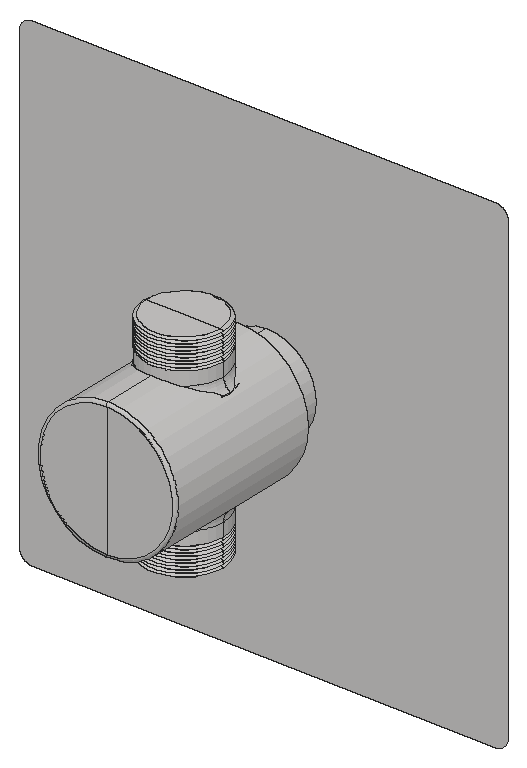
Revit family
Parameters (values of type "Type 1")
  WaterSupplyTemperatureMaximum = "55°C-85° (∆50°C : CW/HW)"
  WarrantyDurationUnit = "10 years"
  WarrantyDescription = "Any manufacturing defect"
  Version = "v1"
  Shape = "square"
  SerialNumber = "3456330013031"
  ProductInformation = "http://www.delabie.com/products/749628"
  Operation = "Time flow valve"
  NominalWidth = 160 mm
  NominalLength = 160 mm
  Name = "TEMPOSTOP"
  ModelNumber = "749628"
  Material = Stainless steel
  ManufacturerURL = "http://www.delabie.com"
  ManufacturerName = "DELABIE"
  IntegralAccessoryOptions = "Thermostatic mixing valve "
  Grade = "ACS - PZH"
  FlowRate lps = "0.2 lps at 3 bar"
  FlowRate lpm = "12 lpm at 3 bar"
  Finish = Polished satin
  Features  = "Recessed time flow shower valve :\r\nRecessing depth between 25 to 45mm .\r\nPolished satin stainless steel wall plate 160 x 160mm.\r\nTEMPOSTOP F½\" time flow valve for mixed water supply.\r\nTime flow 30 sec.\r\nFlow rate 12 lpm at 3 bar, can be adjusted.\r\nSolid brass body and button."
  Description = "French manufacturer Delabie is a leader in the European sanitary ware market for non-domestic places. Water controls, solutions for disabled people, sanitary ware, for schools, leisure centres, offices, hospitals, airports…"
  Type Comments = "Recessed time flow valve"
  Model = "TEMPOSTOP"
  Manufacturer = "DELABIE"
  URL = "http://www.delabie.com"
  Radius = 10.3 mm
  Category = "Shower valve"
  Assembly Code = ""
Reference planes
  plane 1 "Wall": y = 0
  plane 2 "Center (Left/Right)": x = 125
  plane 3 "Back": y = 75
  plane 4: y = 75
Text (mm)
  text "Placement Side" at (-1848.837, 1116.779, 0), in view "Ref. Level"
  text "Placement side" at (0, 1409.804, 2854.306), in view "Left"
  text "Placement side" at (0, 499.811, 2980.732), in view "Right"
Dimensions and locks
  locked: plane 3 "Back" to host wall
  locked: plane 4 to plane 3 "Back" at 0
  aligned and locked: plane 1 "Wall" to host wall
  aligned and locked: plane 4 to nested 1
Nested families
  nested 1: "749628b" at (125, 101.498, 1000), type "749628"
Connectors
  piping at (125, 41, 1095.227), driven by "Radius"
    settings: on nested 1, index 2, connector radius 10.3 mm, flow factor 0, pipe flow 0.2 L/s, pressure drop 0.0 Pa, fitting loss kfactor 0, connector angle 0.00°, fixture units 0, flow configuration 0, flow direction 1, fitting loss method 0, system type 19, connector reference index -1, connector utility 0, adjustable connector no, is connector primary yes, fitting loss table "", connector description "In - Mixed water"
Definition of nested family "749628b"
  Parameters (values of type "749628")
    Description = ""
    URL = ""
    Type Comments = ""
    Technologie = ""
    Radius = 0 mm
    Raccordement = ""
    Profondeur = ""
    Model = ""
    Matériau 1 = Nylon HR brillant blanc
    Manufacturer = ""
    Lien notice d'installation = ""
    Lien fiche produit = ""
    Lien certification = ""
    Lien CCTP = ""
    Largeur = ""
    Hauteur = ""
    Finition = ""
    Famille de produits = ""
    Débit = ""
    Butée de température = ""
    Assembly Code = ""
    Alimentation = ""
  Reference planes
    plane 1 "Center (Front/Back)": y = 0
    plane 2: z = 0
    plane 3 "Center (Left/Right)": x = 0
    plane 4: y = 36.198
    plane 5: y = 38.198
    plane 6: y = 92.198
    plane 7: y = 91.198
    plane 8: x = 22.75
    plane 9: x = -22.75
    plane 10: x = -19.75
    plane 11: x = 19.75
    plane 12: y = 73.498
    plane 13: y = 47.498
    plane 14: x = 36
    plane 15: x = -36
    plane 16: y = 60.498
    plane 17: z = 60.026
    plane 18: z = 73.026
    plane 19: z = 47.026
    plane 20: z = 85.726
    plane 21: z = 85.726
  Forms (mm)
    SweptBlend 1, solid, material "Nylon HR brillant blanc" <- "Matériau 1"
      path origin (1.044, 70.798, 60.026) x (0, -1, 0) y (1, 0, 0)
        loop
          line (47.8, 0) -> (44.3, 0)
      profile origin (1.044, 22.998, 60.026) x (-1, 0, 0) y (0, 0, 1)
        loop
          arc (-71.296, 74.854) -> (-72.887, 74.195) -> (-73.546, 72.604) r 2.25
          line (-73.546, 72.604) -> (-73.546, -74.265)
          arc (-73.546, -74.265) -> (-72.907, -75.807) -> (-71.365, -76.445) r 2.18
          line (-71.365, -76.445) -> (75.54, -76.354)
          arc (75.54, -76.354) -> (77.217, -75.658) -> (77.912, -73.98) r 2.373
          line (77.912, -73.98) -> (77.912, 72.604)
          arc (77.912, 72.604) -> (77.093, 74.209) -> (75.412, 74.854) r 2.514
          line (75.412, 74.854) -> (-71.296, 74.854)
      end profile origin (1.044, 26.498, 60.026) x (-1, 0, 0) y (0, 0, 1)
        loop
          arc (78.022, -80.776) -> (80.861, -79.6) -> (82.037, -76.761) r 4.015
          line (82.037, -76.761) -> (82.037, 75.247)
          arc (82.037, 75.247) -> (80.873, 78.059) -> (78.061, 79.224) r 3.977
          line (78.061, 79.224) -> (-73.974, 79.224)
          arc (-73.974, 79.224) -> (-76.795, 78.056) -> (-77.963, 75.235) r 3.988
          line (-77.963, 75.235) -> (-77.963, -76.776)
          arc (-77.963, -76.776) -> (-76.791, -79.605) -> (-73.963, -80.776) r 4
          line (-73.963, -80.776) -> (78.022, -80.776)
    Extrusion 2, solid, material "Nylon HR brillant blanc" <- "Matériau 1"
      sketch origin (1.044, 70.798, 60.026) x (1, 0, 0) y (0, 0, 1)
        loop
          line (71.296, 74.854) -> (-75.412, 74.854)
          arc (-75.412, 74.854) -> (-77.093, 74.209) -> (-77.912, 72.604) r 2.514
          line (-77.912, 72.604) -> (-77.912, -73.98)
          arc (-77.912, -73.98) -> (-77.217, -75.658) -> (-75.54, -76.354) r 2.373
          line (-75.54, -76.354) -> (71.365, -76.445)
          arc (71.365, -76.445) -> (72.907, -75.807) -> (73.546, -74.265) r 2.18
          line (73.546, -74.265) -> (73.546, 72.604)
          arc (73.546, 72.604) -> (72.887, 74.195) -> (71.296, 74.854) r 2.25
        loop
          arc (-6.031, 20.737) -> (-23.621, -4.702) -> (1.609, -22.591) r 22
          arc (1.609, -22.591) -> (19.71, 2.938) -> (-6.031, 20.737) r 22
        loop
          circle (-70.058, 67.25) r 2.5
        loop
          circle (65.942, 67.25) r 2.5
        loop
          circle (-70.058, -68.452) r 2.5
        loop
          circle (65.942, -68.452) r 2.5
      from 47.36 to 47.8
    Revolve 3, solid, material "Nylon HR brillant blanc" <- "Matériau 1"
      sketch origin (0, 70.798, 60.026) x (0, 0, 1) y (0, -1, 0)
        loop
          line (0, 74.2) -> (-9.969, 74.2)
          arc (-9.969, 74.2) -> (-11.379, 73.616) -> (-11.963, 72.206) r 1.994
          line (-11.963, 72.206) -> (-11.963, 58.599) -> (-14.972, 58.599)
          arc (-14.972, 58.599) -> (-15.699, 58.298) -> (-16, 57.571) r 1.028
          line (-16, 57.571) -> (-16, 34.6) -> (-18.75, 34.6)
          arc (-18.75, 34.6) -> (-19.457, 34.307) -> (-19.75, 33.6) r 1
          line (-19.75, 33.6) -> (-19.75, 32.6) -> (-22.75, 32.6) -> (-22.75, -20.4)
          arc (-22.75, -20.4) -> (-22.457, -21.107) -> (-21.75, -21.4) r 1
          line (-21.75, -21.4) -> (0, -21.4) -> (0, 74.2)
        axis (0, -21.4) -> (0, 74.2)
      angle from 0 to 360
    Sweep 4, void
      path origin (12.324, 70.798, 61.04) x (0, 0, 1) y (0, -1, 0)
        loop
          line (-20.075, 53.656) -> (21.02, 53.656)
      profile origin (12.324, 17.141, 61.513) x (0, -1, 0) y (1, 0, 0)
        loop
          line (7.684, -28.85) -> (7.684, -26.013) -> (1.941, -26.013) -> (-0.896, -28.85) -> (7.684, -28.85)
        loop
          line (7.684, 4.203) -> (-0.896, 4.203) -> (1.941, 1.366) -> (7.684, 1.366) -> (7.684, 4.203)
    Revolve 5, solid, material "Nylon HR brillant blanc" <- "Matériau 1"
      sketch origin (-29.216, 60.498, 1200) x (-1, 0, 0) y (0, 0, 1)
        loop
          line (-16.216, -1114.274) -> (-17.082, -1113.774) -> (-16.216, -1113.274) -> (-17.082, -1112.774) -> (-16.216, -1112.274) -> (-17.082, -1111.774) -> (-16.216, -1111.274) -> (-17.082, -1110.774) -> (-16.216, -1110.274) -> (-17.082, -1109.774) -> (-16.216, -1109.274) -> (-17.082, -1108.774) -> (-16.216, -1108.274) -> (-17.082, -1107.774) -> (-16.216, -1107.274) -> (-17.082, -1106.774) -> (-16.216, -1106.274) -> (-17.082, -1105.774) -> (-16.216, -1105.274) -> (-17.083, -1104.773) -> (-29.216, -1104.773) -> (-29.216, -1175.174) -> (-17.083, -1175.174) -> (-16.216, -1174.674) -> (-17.082, -1174.174) -> (-16.216, -1173.674) -> (-17.082, -1173.174) -> (-16.216, -1172.674) -> (-17.082, -1172.174) -> (-16.216, -1171.674) -> (-17.082, -1171.174) -> (-16.216, -1170.674) -> (-17.082, -1170.174) -> (-16.216, -1169.674) -> (-17.082, -1169.174) -> (-16.216, -1168.674) -> (-17.082, -1168.174) -> (-16.216, -1167.674) -> (-17.082, -1167.174) -> (-16.216, -1166.674) -> (-17.082, -1166.174) -> (-16.216, -1165.674) -> (-16.216, -1161.353)
          arc (-16.216, -1161.353) -> (-15.714, -1159.044) -> (-14.3, -1157.152) r 5.564
          line (-14.3, -1157.152) -> (-14.3, -1122.796)
          arc (-14.3, -1122.796) -> (-15.714, -1120.904) -> (-16.216, -1118.595) r 5.564
          line (-16.216, -1118.595) -> (-16.216, -1114.274)
        axis (-29.216, -1104.773) -> (-29.216, -1175.174)
      angle from 0 to 360
    Revolve 6, solid, material "Nylon HR brillant blanc" <- "Matériau 1", not visible
      sketch origin (0, 70.798, 60.026) x (0, 0, 1) y (0, -1, 0)
        loop
          line (0, 74.2) -> (-9.969, 74.2)
          arc (-9.969, 74.2) -> (-11.379, 73.616) -> (-11.963, 72.206) r 1.994
          line (-11.963, 72.206) -> (-11.963, 58.599) -> (-14.972, 58.599)
          arc (-14.972, 58.599) -> (-15.699, 58.298) -> (-16, 57.571) r 1.028
          line (-16, 57.571) -> (-16, 34.6) -> (-18.75, 34.6)
          arc (-18.75, 34.6) -> (-19.457, 34.307) -> (-19.75, 33.6) r 1
          line (-19.75, 33.6) -> (-19.75, 32.6) -> (-22.75, 32.6) -> (-22.75, -20.4)
          arc (-22.75, -20.4) -> (-22.457, -21.107) -> (-21.75, -21.4) r 1
          line (-21.75, -21.4) -> (0, -21.4) -> (0, 74.2)
        axis (0, -21.4) -> (0, 74.2)
      angle from 0 to 360
    Sweep 7, void, not visible
      path origin (12.324, 70.798, 61.04) x (0, 0, 1) y (0, -1, 0)
        loop
          line (-20.075, 53.656) -> (21.02, 53.656)
      profile origin (12.324, 17.141, 61.513) x (0, -1, 0) y (1, 0, 0)
        loop
          line (7.684, -28.85) -> (7.684, -26.013) -> (1.941, -26.013) -> (-0.896, -28.85) -> (7.684, -28.85)
        loop
          line (7.684, 4.203) -> (-0.896, 4.203) -> (1.941, 1.366) -> (7.684, 1.366) -> (7.684, 4.203)
    Revolve 8, solid, material "Nylon HR brillant blanc" <- "Matériau 1", not visible
      sketch origin (-29.216, 60.498, 1200) x (-1, 0, 0) y (0, 0, 1)
        loop
          line (-16.216, -1114.274) -> (-17.082, -1113.774) -> (-16.216, -1113.274) -> (-17.082, -1112.774) -> (-16.216, -1112.274) -> (-17.082, -1111.774) -> (-16.216, -1111.274) -> (-17.082, -1110.774) -> (-16.216, -1110.274) -> (-17.082, -1109.774) -> (-16.216, -1109.274) -> (-17.082, -1108.774) -> (-16.216, -1108.274) -> (-17.082, -1107.774) -> (-16.216, -1107.274) -> (-17.082, -1106.774) -> (-16.216, -1106.274) -> (-17.082, -1105.774) -> (-16.216, -1105.274) -> (-17.083, -1104.773) -> (-29.216, -1104.773) -> (-29.216, -1175.174) -> (-17.083, -1175.174) -> (-16.216, -1174.674) -> (-17.082, -1174.174) -> (-16.216, -1173.674) -> (-17.082, -1173.174) -> (-16.216, -1172.674) -> (-17.082, -1172.174) -> (-16.216, -1171.674) -> (-17.082, -1171.174) -> (-16.216, -1170.674) -> (-17.082, -1170.174) -> (-16.216, -1169.674) -> (-17.082, -1169.174) -> (-16.216, -1168.674) -> (-17.082, -1168.174) -> (-16.216, -1167.674) -> (-17.082, -1167.174) -> (-16.216, -1166.674) -> (-17.082, -1166.174) -> (-16.216, -1165.674) -> (-16.216, -1161.353)
          arc (-16.216, -1161.353) -> (-15.714, -1159.044) -> (-14.3, -1157.152) r 5.564
          line (-14.3, -1157.152) -> (-14.3, -1122.796)
          arc (-14.3, -1122.796) -> (-15.714, -1120.904) -> (-16.216, -1118.595) r 5.564
          line (-16.216, -1118.595) -> (-16.216, -1114.274)
        axis (-29.216, -1104.773) -> (-29.216, -1175.174)
      angle from 0 to 360
    Extrusion 9, void
      sketch origin (22.75, 109.249, 1200) x (0, -1, 0) y (0, 0, 1)
        loop
          line (48.751, -1143.353) -> (51.073, -1139.331)
          arc (51.073, -1139.331) -> (51.006, -1138.824) -> (50.499, -1138.757) r 0.42
          line (50.499, -1138.757) -> (48.751, -1139.767) -> (47.004, -1138.757)
          arc (47.004, -1138.757) -> (46.496, -1138.824) -> (46.43, -1139.331) r 0.42
          line (46.43, -1139.331) -> (48.751, -1143.353)
      from 73.716 to 36.44
    Extrusion 10, void, not visible
      sketch origin (22.75, 109.249, 1200) x (0, -1, 0) y (0, 0, 1)
        loop
          line (48.751, -1143.353) -> (51.073, -1139.331)
          arc (51.073, -1139.331) -> (51.006, -1138.824) -> (50.499, -1138.757) r 0.42
          line (50.499, -1138.757) -> (48.751, -1139.767) -> (47.004, -1138.757)
          arc (47.004, -1138.757) -> (46.496, -1138.824) -> (46.43, -1139.331) r 0.42
          line (46.43, -1139.331) -> (48.751, -1143.353)
      from 73.716 to 36.44
  Cuts and joins
    Sweep 4, Extrusion 9 cuts Revolve 3
    Extrusion 9 cuts Revolve 5
  Dimensions and locks
    locked: plane 12 to plane 13 at 26
    plane 13 to SweptBlend 1 = 21 mm
    aligned and locked: Extrusion 9 to Sweep 4
    aligned and locked: Extrusion 10 to Sweep 7
